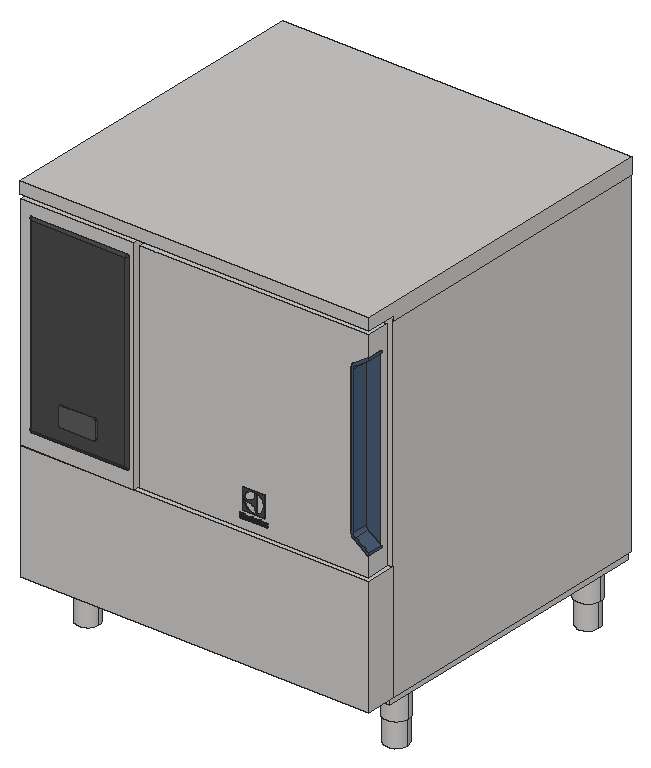
Revit family "QF_ELECTROLUXPROFESSIONAL_725583_EBFA61THE", category Specialty Equipment, Revit 2023 (continued)
Automatic sketch dimensions
  Split face 50 sketch curve to Extrusion 6 = 377.596 mm
  Split face 50 sketch curve to Extrusion 6 = 47.731 mm
  Split face 50 sketch curve to Split face 50 sketch curve = 110.015 mm
  Split face 51 sketch curve to Extrusion 6 = 43.286 mm
  Split face 51 sketch curve to Extrusion 6 = 377.596 mm
  Split face 51 sketch curve to Extrusion 6 = 38.259 mm
  Split face 51 sketch curve to Split face 51 sketch curve = 110.015 mm
  Split face 52 sketch curve to Extrusion 6 = 33.814 mm
  Split face 52 sketch curve to Extrusion 6 = 377.596 mm
  Split face 52 sketch curve to Extrusion 6 = 28.787 mm
  Split face 52 sketch curve to Split face 52 sketch curve = 110.015 mm
  Split face 53 sketch curve to Extrusion 6 = 31.361 mm
  Split face 53 sketch curve to Extrusion 6 = 262.581 mm
  Split face 53 sketch curve to Extrusion 6 = 36.388 mm
  Split face 53 sketch curve to Split face 53 sketch curve = 110.015 mm
  Split face 54 sketch curve to Extrusion 6 = 40.833 mm
  Split face 54 sketch curve to Extrusion 6 = 262.581 mm
  Split face 54 sketch curve to Extrusion 6 = 45.86 mm
  Split face 54 sketch curve to Split face 54 sketch curve = 110.015 mm
  Split face 55 sketch curve to Extrusion 6 = 50.305 mm
  Split face 55 sketch curve to Extrusion 6 = 262.581 mm
  Split face 55 sketch curve to Split face 55 sketch curve = 110.015 mm
  Split face 55 sketch curve to Split face 55 sketch curve = 5.027 mm
  Split face 56 sketch curve to Extrusion 6 = 59.777 mm
  Split face 56 sketch curve to Extrusion 6 = 262.581 mm
  Split face 56 sketch curve to Split face 56 sketch curve = 110.015 mm
  Split face 56 sketch curve to Split face 56 sketch curve = 5.027 mm
  Split face 57 sketch curve to Extrusion 6 = 69.25 mm
  Split face 57 sketch curve to Extrusion 6 = 262.581 mm
  Split face 57 sketch curve to Split face 57 sketch curve = 110.015 mm
  Split face 57 sketch curve to Split face 57 sketch curve = 5.027 mm
  Split face 58 sketch curve to Extrusion 6 = 78.722 mm
  Split face 58 sketch curve to Extrusion 6 = 262.581 mm
  Split face 58 sketch curve to Split face 58 sketch curve = 110.015 mm
  Split face 58 sketch curve to Split face 58 sketch curve = 5.027 mm
  Split face 59 sketch curve to Extrusion 6 = 88.194 mm
  Split face 59 sketch curve to Extrusion 6 = 262.581 mm
  Split face 59 sketch curve to Split face 59 sketch curve = 110.015 mm
  Split face 59 sketch curve to Split face 59 sketch curve = 5.027 mm
  Split face 60 sketch curve to Extrusion 6 = 97.666 mm
  Split face 60 sketch curve to Extrusion 6 = 262.581 mm
  Split face 60 sketch curve to Split face 60 sketch curve = 110.015 mm
  Split face 60 sketch curve to Split face 60 sketch curve = 5.027 mm
  Split face 61 sketch curve to Extrusion 6 = 107.138 mm
  Split face 61 sketch curve to Extrusion 6 = 262.581 mm
  Split face 61 sketch curve to Split face 61 sketch curve = 110.015 mm
  Split face 61 sketch curve to Split face 61 sketch curve = 5.027 mm
  Split face 62 sketch curve to Extrusion 6 = 116.611 mm
  Split face 62 sketch curve to Extrusion 6 = 262.581 mm
  Split face 62 sketch curve to Split face 62 sketch curve = 110.015 mm
  Split face 62 sketch curve to Split face 62 sketch curve = 5.027 mm
  Split face 63 sketch curve to Extrusion 6 = 126.083 mm
  Split face 63 sketch curve to Extrusion 6 = 262.581 mm
  Split face 63 sketch curve to Split face 63 sketch curve = 110.015 mm
  Split face 63 sketch curve to Split face 63 sketch curve = 5.027 mm
  Split face 64 sketch curve to Extrusion 6 = 262.581 mm
  Split face 64 sketch curve to Split face 64 sketch curve = 110.015 mm
  Split face 64 sketch curve to Extrusion 6 = 135.555 mm
  Split face 64 sketch curve to Split face 64 sketch curve = 5.027 mm
  Split face 65 sketch curve to Extrusion 6 = 262.581 mm
  Split face 65 sketch curve to Split face 65 sketch curve = 110.015 mm
  Split face 65 sketch curve to Extrusion 6 = 145.027 mm
  Split face 65 sketch curve to Split face 65 sketch curve = 5.027 mm
  Split face 66 sketch curve to Extrusion 6 = 262.581 mm
  Split face 66 sketch curve to Split face 66 sketch curve = 110.015 mm
  Split face 66 sketch curve to Extrusion 6 = 147.48 mm
  Split face 66 sketch curve to Split face 66 sketch curve = 5.027 mm
  Split face 67 sketch curve to Extrusion 6 = 262.581 mm
  Split face 67 sketch curve to Split face 67 sketch curve = 110.015 mm
  Split face 67 sketch curve to Extrusion 6 = 138.008 mm
  Split face 67 sketch curve to Split face 67 sketch curve = 5.027 mm
  Split face 68 sketch curve to Extrusion 6 = 128.536 mm
  Split face 68 sketch curve to Extrusion 6 = 262.581 mm
  Split face 68 sketch curve to Split face 68 sketch curve = 110.015 mm
  Split face 68 sketch curve to Split face 68 sketch curve = 5.027 mm
  Split face 69 sketch curve to Extrusion 6 = 119.064 mm
  Split face 69 sketch curve to Extrusion 6 = 262.581 mm
  Split face 69 sketch curve to Split face 69 sketch curve = 110.015 mm
  Split face 69 sketch curve to Split face 69 sketch curve = 5.027 mm
  Split face 70 sketch curve to Extrusion 6 = 109.592 mm
  Split face 70 sketch curve to Extrusion 6 = 262.581 mm
  Split face 70 sketch curve to Split face 70 sketch curve = 110.015 mm
  Split face 70 sketch curve to Split face 70 sketch curve = 5.027 mm
  Split face 71 sketch curve to Extrusion 6 = 100.119 mm
  Split face 71 sketch curve to Extrusion 6 = 262.581 mm
  Split face 71 sketch curve to Split face 71 sketch curve = 110.015 mm
  Split face 71 sketch curve to Split face 71 sketch curve = 5.027 mm
  Split face 72 sketch curve to Extrusion 6 = 90.647 mm
  Split face 72 sketch curve to Extrusion 6 = 262.581 mm
  Split face 72 sketch curve to Split face 72 sketch curve = 110.015 mm
  Split face 72 sketch curve to Split face 72 sketch curve = 5.027 mm
  Split face 73 sketch curve to Extrusion 6 = 81.175 mm
  Split face 73 sketch curve to Extrusion 6 = 262.581 mm
  Split face 73 sketch curve to Split face 73 sketch curve = 110.015 mm
  Split face 73 sketch curve to Split face 73 sketch curve = 5.027 mm
  Split face 74 sketch curve to Extrusion 6 = 71.703 mm
  Split face 74 sketch curve to Extrusion 6 = 262.581 mm
  Split face 74 sketch curve to Split face 74 sketch curve = 110.015 mm
  Split face 74 sketch curve to Split face 74 sketch curve = 5.027 mm
  Split face 75 sketch curve to Extrusion 6 = 62.231 mm
  Split face 75 sketch curve to Extrusion 6 = 262.581 mm
  Split face 75 sketch curve to Split face 75 sketch curve = 110.015 mm
  Split face 75 sketch curve to Split face 75 sketch curve = 5.027 mm
  Split face 76 sketch curve to Extrusion 6 = 52.758 mm
  Split face 76 sketch curve to Extrusion 6 = 262.581 mm
  Split face 76 sketch curve to Extrusion 6 = 47.731 mm
  Split face 76 sketch curve to Split face 76 sketch curve = 110.015 mm
  Split face 77 sketch curve to Extrusion 6 = 43.286 mm
  Split face 77 sketch curve to Extrusion 6 = 262.581 mm
  Split face 77 sketch curve to Extrusion 6 = 38.259 mm
  Split face 77 sketch curve to Split face 77 sketch curve = 110.015 mm
  Split face 78 sketch curve to Extrusion 6 = 33.814 mm
  Split face 78 sketch curve to Extrusion 6 = 262.581 mm
  Split face 78 sketch curve to Extrusion 6 = 28.787 mm
  Split face 78 sketch curve to Split face 78 sketch curve = 110.015 mm
  Split face 79 sketch curve to Extrusion 6 = 31.361 mm
  Split face 79 sketch curve to Extrusion 6 = 147.565 mm
  Split face 79 sketch curve to Extrusion 6 = 36.388 mm
  Split face 79 sketch curve to Split face 79 sketch curve = 110.015 mm
  Split face 80 sketch curve to Extrusion 6 = 40.833 mm
  Split face 80 sketch curve to Extrusion 6 = 147.565 mm
  Split face 80 sketch curve to Extrusion 6 = 45.86 mm
  Split face 80 sketch curve to Split face 80 sketch curve = 110.015 mm
  Split face 81 sketch curve to Extrusion 6 = 50.305 mm
  Split face 81 sketch curve to Extrusion 6 = 147.565 mm
  Split face 81 sketch curve to Split face 81 sketch curve = 110.015 mm
  Split face 81 sketch curve to Split face 81 sketch curve = 5.027 mm
  Split face 82 sketch curve to Extrusion 6 = 59.777 mm
  Split face 82 sketch curve to Extrusion 6 = 147.565 mm
  Split face 82 sketch curve to Split face 82 sketch curve = 110.015 mm
  Split face 82 sketch curve to Split face 82 sketch curve = 5.027 mm
  Split face 83 sketch curve to Extrusion 6 = 69.25 mm
  Split face 83 sketch curve to Extrusion 6 = 147.565 mm
  Split face 83 sketch curve to Split face 83 sketch curve = 110.015 mm
  Split face 83 sketch curve to Split face 83 sketch curve = 5.027 mm
  Split face 84 sketch curve to Extrusion 6 = 147.565 mm
  Split face 84 sketch curve to Split face 84 sketch curve = 110.015 mm
  Split face 84 sketch curve to Extrusion 6 = 78.722 mm
  Split face 84 sketch curve to Split face 84 sketch curve = 5.027 mm
  Split face 85 sketch curve to Extrusion 6 = 147.565 mm
  Split face 85 sketch curve to Split face 85 sketch curve = 110.015 mm
  Split face 85 sketch curve to Extrusion 6 = 88.194 mm
  Split face 85 sketch curve to Split face 85 sketch curve = 5.027 mm
  Split face 86 sketch curve to Extrusion 6 = 147.565 mm
  Split face 86 sketch curve to Split face 86 sketch curve = 110.015 mm
  Split face 86 sketch curve to Extrusion 6 = 97.666 mm
  Split face 86 sketch curve to Split face 86 sketch curve = 5.027 mm
  Split face 87 sketch curve to Extrusion 6 = 147.565 mm
  Split face 87 sketch curve to Split face 87 sketch curve = 110.015 mm
  Split face 87 sketch curve to Extrusion 6 = 107.138 mm
  Split face 87 sketch curve to Split face 87 sketch curve = 5.027 mm
  Split face 88 sketch curve to Extrusion 6 = 147.565 mm
  Split face 88 sketch curve to Split face 88 sketch curve = 110.015 mm
  Split face 88 sketch curve to Extrusion 6 = 116.611 mm
  Split face 88 sketch curve to Split face 88 sketch curve = 5.027 mm
  Split face 89 sketch curve to Extrusion 6 = 147.565 mm
  Split face 89 sketch curve to Split face 89 sketch curve = 110.015 mm
  Split face 89 sketch curve to Extrusion 6 = 126.083 mm
  Split face 89 sketch curve to Split face 89 sketch curve = 5.027 mm
  Split face 90 sketch curve to Extrusion 6 = 147.565 mm
  Split face 90 sketch curve to Split face 90 sketch curve = 110.015 mm
  Split face 90 sketch curve to Extrusion 6 = 135.555 mm
  Split face 90 sketch curve to Split face 90 sketch curve = 5.027 mm
  Split face 91 sketch curve to Extrusion 6 = 147.565 mm
  Split face 91 sketch curve to Split face 91 sketch curve = 110.015 mm
  Split face 91 sketch curve to Extrusion 6 = 145.027 mm
  Split face 91 sketch curve to Split face 91 sketch curve = 5.027 mm
  Split face 92 sketch curve to Extrusion 6 = 147.565 mm
  Split face 92 sketch curve to Split face 92 sketch curve = 110.015 mm
  Split face 92 sketch curve to Extrusion 6 = 147.48 mm
  Split face 92 sketch curve to Split face 92 sketch curve = 5.027 mm
  Split face 93 sketch curve to Extrusion 6 = 147.565 mm
  Split face 93 sketch curve to Split face 93 sketch curve = 110.015 mm
  Split face 93 sketch curve to Extrusion 6 = 138.008 mm
  Split face 93 sketch curve to Split face 93 sketch curve = 5.027 mm
  Split face 94 sketch curve to Extrusion 6 = 147.565 mm
  Split face 94 sketch curve to Split face 94 sketch curve = 110.015 mm
  Split face 94 sketch curve to Extrusion 6 = 128.536 mm
  Split face 94 sketch curve to Split face 94 sketch curve = 5.027 mm
  Split face 95 sketch curve to Extrusion 6 = 147.565 mm
  Split face 95 sketch curve to Split face 95 sketch curve = 110.015 mm
  Split face 95 sketch curve to Extrusion 6 = 119.064 mm
  Split face 95 sketch curve to Split face 95 sketch curve = 5.027 mm
  Split face 96 sketch curve to Extrusion 6 = 147.565 mm
  Split face 96 sketch curve to Split face 96 sketch curve = 110.015 mm
  Split face 96 sketch curve to Extrusion 6 = 109.592 mm
  Split face 96 sketch curve to Split face 96 sketch curve = 5.027 mm
  Split face 97 sketch curve to Extrusion 6 = 147.565 mm
  Split face 97 sketch curve to Split face 97 sketch curve = 110.015 mm
  Split face 97 sketch curve to Extrusion 6 = 100.119 mm
  Split face 97 sketch curve to Split face 97 sketch curve = 5.027 mm
  Split face 98 sketch curve to Extrusion 6 = 147.565 mm
  Split face 98 sketch curve to Split face 98 sketch curve = 110.015 mm
  Split face 98 sketch curve to Extrusion 6 = 90.647 mm
  Split face 98 sketch curve to Split face 98 sketch curve = 5.027 mm
  Split face 99 sketch curve to Extrusion 6 = 147.565 mm
  Split face 99 sketch curve to Split face 99 sketch curve = 110.015 mm
  Split face 99 sketch curve to Extrusion 6 = 81.175 mm
  Split face 99 sketch curve to Split face 99 sketch curve = 5.027 mm
  Split face 100 sketch curve to Extrusion 6 = 71.703 mm
  Split face 100 sketch curve to Extrusion 6 = 147.565 mm
  Split face 100 sketch curve to Split face 100 sketch curve = 110.015 mm
  Split face 100 sketch curve to Split face 100 sketch curve = 5.027 mm
  Split face 101 sketch curve to Extrusion 6 = 62.231 mm
  Split face 101 sketch curve to Extrusion 6 = 147.565 mm
  Split face 101 sketch curve to Split face 101 sketch curve = 110.015 mm
  Split face 101 sketch curve to Split face 101 sketch curve = 5.027 mm
  Split face 102 sketch curve to Extrusion 6 = 52.758 mm
  Split face 102 sketch curve to Extrusion 6 = 147.565 mm
  Split face 102 sketch curve to Extrusion 6 = 47.731 mm
  Split face 102 sketch curve to Split face 102 sketch curve = 110.015 mm
  Split face 103 sketch curve to Extrusion 6 = 43.286 mm
  Split face 103 sketch curve to Extrusion 6 = 147.565 mm
  Split face 103 sketch curve to Extrusion 6 = 38.259 mm
  Split face 103 sketch curve to Split face 103 sketch curve = 110.015 mm
  Split face 104 sketch curve to Extrusion 6 = 33.814 mm
  Split face 104 sketch curve to Extrusion 6 = 147.565 mm
  Split face 104 sketch curve to Extrusion 6 = 28.787 mm
  Split face 104 sketch curve to Split face 104 sketch curve = 110.015 mm
  Split face 105 sketch curve to Extrusion 6 = 32.55 mm
  Split face 105 sketch curve to Extrusion 6 = 36.388 mm
  Split face 105 sketch curve to Split face 105 sketch curve = 110.015 mm
  Split face 105 sketch curve to Split face 105 sketch curve = 5.027 mm
  Split face 106 sketch curve to Extrusion 6 = 32.55 mm
  Split face 106 sketch curve to Extrusion 6 = 45.86 mm
  Split face 106 sketch curve to Split face 106 sketch curve = 110.015 mm
  Split face 106 sketch curve to Split face 106 sketch curve = 5.027 mm
  Split face 107 sketch curve to Extrusion 6 = 32.55 mm
  Split face 107 sketch curve to Split face 107 sketch curve = 110.015 mm
  Split face 107 sketch curve to Extrusion 6 = 50.305 mm
  Split face 107 sketch curve to Split face 107 sketch curve = 5.027 mm
  Split face 108 sketch curve to Extrusion 6 = 32.55 mm
  Split face 108 sketch curve to Split face 108 sketch curve = 110.015 mm
  Split face 108 sketch curve to Extrusion 6 = 59.777 mm
  Split face 108 sketch curve to Split face 108 sketch curve = 5.027 mm
  Split face 109 sketch curve to Extrusion 6 = 32.55 mm
  Split face 109 sketch curve to Split face 109 sketch curve = 110.015 mm
  Split face 109 sketch curve to Extrusion 6 = 69.25 mm
  Split face 109 sketch curve to Split face 109 sketch curve = 5.027 mm
  Split face 110 sketch curve to Extrusion 6 = 32.55 mm
  Split face 110 sketch curve to Split face 110 sketch curve = 110.015 mm
  Split face 110 sketch curve to Extrusion 6 = 78.722 mm
  Split face 110 sketch curve to Split face 110 sketch curve = 5.027 mm
  Split face 111 sketch curve to Extrusion 6 = 32.55 mm
  Split face 111 sketch curve to Split face 111 sketch curve = 110.015 mm
  Split face 111 sketch curve to Extrusion 6 = 88.194 mm
  Split face 111 sketch curve to Split face 111 sketch curve = 5.027 mm
  Split face 112 sketch curve to Extrusion 6 = 32.55 mm
  Split face 112 sketch curve to Split face 112 sketch curve = 110.015 mm
  Split face 112 sketch curve to Extrusion 6 = 97.666 mm
  Split face 112 sketch curve to Split face 112 sketch curve = 5.027 mm
  Split face 113 sketch curve to Extrusion 6 = 32.55 mm
  Split face 113 sketch curve to Split face 113 sketch curve = 110.015 mm
  Split face 113 sketch curve to Extrusion 6 = 107.138 mm
  Split face 113 sketch curve to Split face 113 sketch curve = 5.027 mm
  Split face 114 sketch curve to Extrusion 6 = 32.55 mm
  Split face 114 sketch curve to Split face 114 sketch curve = 110.015 mm
  Split face 114 sketch curve to Extrusion 6 = 116.611 mm
  Split face 114 sketch curve to Split face 114 sketch curve = 5.027 mm
  Split face 115 sketch curve to Extrusion 6 = 32.55 mm
  Split face 115 sketch curve to Split face 115 sketch curve = 110.015 mm
  Split face 115 sketch curve to Extrusion 6 = 126.083 mm
  Split face 115 sketch curve to Split face 115 sketch curve = 5.027 mm
  Split face 116 sketch curve to Extrusion 6 = 32.55 mm
  Split face 116 sketch curve to Split face 116 sketch curve = 110.015 mm
  Split face 116 sketch curve to Extrusion 6 = 135.555 mm
  Split face 116 sketch curve to Split face 116 sketch curve = 5.027 mm
  Split face 117 sketch curve to Extrusion 6 = 32.55 mm
  Split face 117 sketch curve to Split face 117 sketch curve = 110.015 mm
  Split face 117 sketch curve to Extrusion 6 = 145.027 mm
  Split face 117 sketch curve to Split face 117 sketch curve = 5.027 mm
  Split face 118 sketch curve to Extrusion 6 = 32.55 mm
  Split face 118 sketch curve to Split face 118 sketch curve = 110.015 mm
  Split face 118 sketch curve to Extrusion 6 = 147.48 mm
  Split face 118 sketch curve to Split face 118 sketch curve = 5.027 mm
  Split face 119 sketch curve to Extrusion 6 = 32.55 mm
  Split face 119 sketch curve to Split face 119 sketch curve = 110.015 mm
  Split face 119 sketch curve to Extrusion 6 = 138.008 mm
  Split face 119 sketch curve to Split face 119 sketch curve = 5.027 mm
  Split face 120 sketch curve to Extrusion 6 = 32.55 mm
  Split face 120 sketch curve to Split face 120 sketch curve = 110.015 mm
  Split face 120 sketch curve to Extrusion 6 = 128.536 mm
  Split face 120 sketch curve to Split face 120 sketch curve = 5.027 mm
  Split face 121 sketch curve to Extrusion 6 = 32.55 mm
  Split face 121 sketch curve to Split face 121 sketch curve = 110.015 mm
  Split face 121 sketch curve to Extrusion 6 = 119.064 mm
  Split face 121 sketch curve to Split face 121 sketch curve = 5.027 mm
  Split face 122 sketch curve to Extrusion 6 = 32.55 mm
  Split face 122 sketch curve to Split face 122 sketch curve = 110.015 mm
  Split face 122 sketch curve to Extrusion 6 = 109.592 mm
  Split face 122 sketch curve to Split face 122 sketch curve = 5.027 mm
  Split face 123 sketch curve to Extrusion 6 = 32.55 mm
  Split face 123 sketch curve to Split face 123 sketch curve = 110.015 mm
  Split face 123 sketch curve to Extrusion 6 = 100.119 mm
  Split face 123 sketch curve to Split face 123 sketch curve = 5.027 mm
  Split face 124 sketch curve to Extrusion 6 = 32.55 mm
  Split face 124 sketch curve to Split face 124 sketch curve = 110.015 mm
  Split face 124 sketch curve to Extrusion 6 = 90.647 mm
  Split face 124 sketch curve to Split face 124 sketch curve = 5.027 mm
  Split face 125 sketch curve to Extrusion 6 = 32.55 mm
  Split face 125 sketch curve to Split face 125 sketch curve = 110.015 mm
  Split face 125 sketch curve to Extrusion 6 = 81.175 mm
  Split face 125 sketch curve to Split face 125 sketch curve = 5.027 mm
  Split face 126 sketch curve to Extrusion 6 = 32.55 mm
  Split face 126 sketch curve to Split face 126 sketch curve = 110.015 mm
  Split face 126 sketch curve to Extrusion 6 = 71.703 mm
  Split face 126 sketch curve to Split face 126 sketch curve = 5.027 mm
  Split face 127 sketch curve to Extrusion 6 = 32.55 mm
  Split face 127 sketch curve to Split face 127 sketch curve = 110.015 mm
  Split face 127 sketch curve to Extrusion 6 = 62.231 mm
  Split face 127 sketch curve to Split face 127 sketch curve = 5.027 mm
  Split face 128 sketch curve to Extrusion 6 = 32.55 mm
  Split face 128 sketch curve to Extrusion 6 = 47.731 mm
  Split face 128 sketch curve to Split face 128 sketch curve = 110.015 mm
  Split face 128 sketch curve to Split face 128 sketch curve = 5.027 mm
  Split face 129 sketch curve to Extrusion 6 = 32.55 mm
  Split face 129 sketch curve to Extrusion 6 = 38.259 mm
  Split face 129 sketch curve to Split face 129 sketch curve = 110.015 mm
  Split face 129 sketch curve to Split face 129 sketch curve = 5.027 mm
  Split face 130 sketch curve to Extrusion 6 = 32.55 mm
  Split face 130 sketch curve to Extrusion 6 = 28.787 mm
  Split face 130 sketch curve to Split face 130 sketch curve = 110.015 mm
  Split face 130 sketch curve to Split face 130 sketch curve = 5.027 mm
  Extrusion 10 sketch curve to plane 5 "BACK" = 0 mm  (x2)
  Extrusion 10 sketch curve to plane 15 = 0 mm  (x2)
  Extrusion 10 sketch curve to plane 3 "Center Y" = 141.58 mm
  Extrusion 10 sketch curve to Extrusion 10 sketch curve = 1.631 mm  (x2)
  Extrusion 10 sketch curve to Extrusion 10 sketch curve = 9.723 mm
  plane 10 to Extrusion 10 sketch curve = 80.967 mm
  plane 10 to Extrusion 10 sketch curve = 72.875 mm
  Extrusion 11 sketch curve to plane 14 = 0.005 mm
  Extrusion 11 sketch curve to plane 3 "Center Y" = 139.7 mm
  plane 12 to Extrusion 11 sketch curve = 6.255 mm
  plane 12 to Extrusion 11 sketch curve = 14.741 mm
  plane 12 to Extrusion 11 sketch curve = 15.205 mm
  Extrusion 11 sketch curve to Extrusion 11 sketch curve = 10.513 mm
  Extrusion 11 sketch curve to Extrusion 11 sketch curve = 20 mm
  Extrusion 11 sketch curve to plane 6 "RIGHT" = 1.005 mm  (x2)
  Extrusion 11 sketch curve to Extrusion 11 sketch curve = 51.135 mm
  Extrusion 11 sketch curve to Extrusion 11 sketch curve = 24.082 mm
  Extrusion 11 sketch curve to Extrusion 11 sketch curve = 374.913 mm
  Extrusion 11 sketch curve to Extrusion 11 sketch curve = 23.723 mm
  plane 8 to Extrusion 11 sketch curve = 332.497 mm
  Extrusion 12 sketch curve to Extrusion 11 = 0 mm  (x8)
  Extrusion 11 to Extrusion 12 sketch curve = 8.487 mm
  Extrusion 11 to Extrusion 12 sketch curve = 8.95 mm
  Extrusion 12 sketch curve to Extrusion 12 sketch curve = 20 mm
  Extrusion 13 sketch curve to Extrusion 13 sketch curve = 0 mm  (x2)
  Extrusion 13 sketch curve to Extrusion 11 = 0 mm  (x5)
  Extrusion 11 to Extrusion 13 sketch curve = 2.5 mm
  Extrusion 13 sketch curve to Extrusion 13 sketch curve = 2.5 mm
  Extrusion 13 sketch curve to Extrusion 13 sketch curve = 13.5 mm
  Extrusion 11 to Extrusion 13 sketch curve = 12.541 mm
  Extrusion 13 sketch curve to Extrusion 13 sketch curve = 5.583 mm
  Extrusion 13 sketch curve to Extrusion 13 sketch curve = 3.591 mm
  Extrusion 13 sketch curve to Extrusion 13 sketch curve = 3.597 mm
  Extrusion 13 sketch curve to Extrusion 13 sketch curve = 6.143 mm
  Extrusion 13 sketch curve to Extrusion 13 sketch curve = 6.141 mm
  Extrusion 14 sketch curve to plane 7 "FRONT" = 0 mm
  plane 16 to Extrusion 14 sketch curve = 47.24 mm
  Extrusion 14 sketch curve to Extrusion 14 sketch curve = 8.487 mm
  Extrusion 14 sketch curve to Extrusion 14 sketch curve = 8.95 mm
  Extrusion 14 sketch curve to Extrusion 14 sketch curve = 19 mm
  Extrusion 14 sketch curve to Extrusion 14 sketch curve = 20 mm
  plane 16 to Extrusion 14 sketch curve = 2.5 mm  (x2)
  Extrusion 14 sketch curve to plane 14 = 0.005 mm
  Extrusion 14 sketch curve to Extrusion 14 sketch curve = 51.135 mm
  Extrusion 14 sketch curve to Extrusion 14 sketch curve = 24.082 mm
  Extrusion 14 sketch curve to Extrusion 14 sketch curve = 374.913 mm
  Extrusion 14 sketch curve to Extrusion 14 sketch curve = 23.723 mm
  plane 8 to Extrusion 14 sketch curve = 332.497 mm
  Extrusion 15 sketch curve to Extrusion 14 = 0 mm  (x8)
  Extrusion 14 to Extrusion 15 sketch curve = 8.487 mm
  Extrusion 14 to Extrusion 15 sketch curve = 8.95 mm
  Extrusion 15 sketch curve to Extrusion 15 sketch curve = 11.05 mm
  Extrusion 16 sketch curve to Extrusion 16 sketch curve = 0 mm  (x2)
  Extrusion 16 sketch curve to Extrusion 14 = 0 mm  (x4)
  Extrusion 14 to Extrusion 16 sketch curve = 0 mm
  Extrusion 14 to Extrusion 16 sketch curve = 2.5 mm  (x2)
  Extrusion 16 sketch curve to Extrusion 16 sketch curve = 13.5 mm
  Extrusion 14 to Extrusion 16 sketch curve = 12.541 mm
  Extrusion 16 sketch curve to Extrusion 16 sketch curve = 5.583 mm
  Extrusion 16 sketch curve to Extrusion 16 sketch curve = 3.591 mm
  Extrusion 16 sketch curve to Extrusion 16 sketch curve = 3.597 mm
  Extrusion 16 sketch curve to Extrusion 16 sketch curve = 6.143 mm
  Extrusion 16 sketch curve to Extrusion 16 sketch curve = 6.141 mm
  Extrusion 17 sketch curve to plane 7 "FRONT" = 0 mm
  plane 7 "FRONT" to Extrusion 17 sketch curve = 16.966 mm
  Extrusion 17 sketch curve to plane 3 "Center Y" = 119.677 mm
  Extrusion 17 sketch curve to Extrusion 17 sketch curve = 32.971 mm
  Extrusion 17 sketch curve to plane 6 "RIGHT" = 1.005 mm
  radius of Extrusion 4 sketch curve = 10.5 mm
  radius of Extrusion 9 sketch curve = 9.5 mm
  radius of Extrusion 12 sketch curve to Extrusion 11 = 0 mm
  radius of Extrusion 13 sketch curve to Extrusion 11 = 0 mm
  radius of Extrusion 13 sketch curve to Extrusion 11 = 6.5 mm
  radius of Extrusion 15 sketch curve to Extrusion 14 = 0 mm
  radius of Extrusion 16 sketch curve to Extrusion 14 = 0 mm
  radius of Extrusion 16 sketch curve to Extrusion 14 = 6.5 mm
Nested families
  nested 1: "Foot_Complete" at (-708, -142.149, 0), type "Foot_Complete"
    with H 130 mm
  nested 2: "Foot_Complete" at (85, -142.149, 0), type "Foot_Complete"
    with H 130 mm
  nested 3: "Foot_Complete" at (85, 473.851, 0), type "Foot_Complete"
    with H 130 mm
  nested 4: "Foot_Complete" at (-708, 473.851, 0), type "Foot_Complete"
    with H 130 mm
  nested 5: "ELX_Touch" at (-606.5, -295.149, 741.265) x (1, 0, 0) z (0, -1, 0), type "ELX_Touch"
  nested 6: "ELX_Logo_S_New" at (-157.603, -295.149, 492.497) x (1, 0, 0) z (0, -1, 0), visible <- "Show Logo", type "ELX_Logo_S_New"
    with M QF_Finishes_Black
  nested 7: "ELX_Logo_Symbol" at (-157.603, -295.149, 532.497) x (-1, 0, 0) z (0, -1, 0), visible <- "Show Logo", type "ELX_Logo_Symbol"
    with M QF_Finishes_Black
Connectors
  electrical at (-696, 577.851, 258), driven by "Volts"
    settings: on Extrusion 4, index 5, voltage 380 V, apparent load 0 VA, apparent load phase1 0 VA, apparent load phase2 0 VA, apparent load phase3 0 VA, power factor 1, load classification "Altro", number of poles 1, system type 30, power factor state 1, is connector primary yes, connector utility no, sub classification motor no, connector description "Electrical Connection"
  piping at (-360, 215.851, 98.32), diameter 19
    settings: on cut or joined group of Extrusion 1, Extrusion 2, Extrusion 3, Extrusion 4, Extrusion 7, Extrusion 8, Extrusion 9, Extrusion 10, index 6, connector inside diameter 609.6 mm, connector length 0 mm, flow factor 0, pipe flow 0.0 L/s, pressure drop 0.0 Pa, fitting loss kfactor 0, connector angle 0.00°, fixture units 0, engagement length 0 mm, angle of deflection 0.00°, flow configuration 1, flow direction 2, fitting loss method 0, system type 16, joint type 0, gender type 0, connector reference index -1, connector utility 0, adjustable connector no, is connector primary yes, connector description "Drain"
Definition of nested family "Foot_Complete"
  Parameters
    R = 32 mm
    H = 150 mm
    Default Elevation = 0 mm
  Reference planes
    plane 1 "Centro (Fronte/Retro)": y = 0
    plane 2: z = 0
    plane 3 "Centro (Sinistra/Destra)": x = 0
    plane 4: z = 150
  Forms (mm)
    Revolve 1, solid
      sketch origin (255.05, 0, 608.09) x (0, 0, 1) y (-1, 0, 0)
        loop
          line (-608.09, 255.05) -> (-608.09, 226.55) -> (-544.09, 226.55) -> (-544.09, 223.05) -> (-458.09, 223.05) -> (-458.09, 255.05) -> (-608.09, 255.05)
        axis (-608.09, 255.05) -> (-458.09, 255.05)
      angle from 0 to 360
  Dimensions and locks
    locked: level to Revolve 1 sketch curve at 64
    "R": Revolve 1 sketch curve to plane 3 "Centro (Sinistra/Destra)"
    "H": plane 4 to level
    aligned and locked: level to plane 2
    aligned and locked: plane 4 to Revolve 1 sketch curve
    aligned and locked: Revolve 1 sketch curve to level
    aligned and locked: plane 3 "Centro (Sinistra/Destra)" to Revolve 1 sketch curve
  Automatic sketch dimensions
    Revolve 1 sketch curve to plane 3 "Centro (Sinistra/Destra)" = 0 mm
    plane 3 "Centro (Sinistra/Destra)" to Revolve 1 sketch curve = 28.5 mm
    Revolve 1 sketch curve to Revolve 1 sketch curve = 50 mm
    Revolve 1 sketch curve to Revolve 1 sketch curve = 20 mm
Definition of nested family "ELX_Touch"
  Parameters
    Default Elevation = 1219.2 mm
  Reference planes
    plane 1 "Centro (Fronte/Retro)": y = 0
    plane 2: z = 0
    plane 3 "Centro (Sinistra/Destra)": x = 0
  Forms (mm)
    Extrusion 1, solid
      sketch origin (0, 0, 0) x (1, 0, 0) y (0, 1, 0)
        loop
          line (-1219.2, 1219.2) -> (-1219.2, -1219.2) -> (1219.2, -1219.2) -> (1219.2, 1219.2) -> (-1219.2, 1219.2)
      from 0 to -304.8
    Extrusion 2, solid
      sketch origin (0, 0, 5) x (1, 0, 0) y (0, 1, 0)
        loop
          line (-47, -160) -> (-47, -202)
          arc (-47, -202) -> (-45.536, -205.535) -> (-42, -207) r 5
          line (-42, -207) -> (42, -207)
          arc (42, -207) -> (45.536, -205.535) -> (47, -202) r 5
          line (47, -202) -> (47, -160)
          arc (47, -160) -> (45.536, -156.465) -> (42, -155) r 5
          line (42, -155) -> (-42, -155)
          arc (-42, -155) -> (-45.536, -156.465) -> (-47, -160) r 5
      from 0 to 2
    Blend 3, solid
      base sketch origin (0, 0, 0) x (1, 0, 0) y (0, 1, 0)
        loop
          line (-127, 244) -> (-127, -244)
          arc (-127, -244) -> (-125.536, -247.536) -> (-122, -249) r 5
          line (-122, -249) -> (122, -249)
          arc (122, -249) -> (125.536, -247.536) -> (127, -244) r 5
          line (127, -244) -> (127, 244)
          arc (127, 244) -> (125.536, 247.536) -> (122, 249) r 5
          line (122, 249) -> (-122, 249)
          arc (-122, 249) -> (-125.536, 247.536) -> (-127, 244) r 5
      top sketch origin (0, 0, 0) x (1, 0, 0) y (0, 1, 0)
        loop
          line (-119, -241) -> (119, -241) -> (119, 241) -> (-119, 241) -> (-119, -241)
      from 0 to 5
  Lines and regions (mm)
    Split face 1
      outline origin (0, 0, 5) x (1, 0, 0) y (0, 1, 0)
        loop
          line (-70.506, 46.167) -> (70.506, 46.167) -> (70.506, 214.829) -> (-70.506, 214.829) -> (-70.506, 46.167)
    Split face 2
      outline origin (0, 0, 5) x (1, 0, 0) y (0, 1, 0)
        loop
          line (-47.467, 50.825) -> (47.467, 50.825) -> (47.467, 210.171) -> (-47.467, 210.171) -> (-47.467, 50.825)
    Split face 3
      outline origin (0, 0, 5) x (1, 0, 0) y (0, 1, 0)
        loop
          line (-70.521, -215.33) -> (70.521, -215.33) -> (70.521, -146.67) -> (-70.521, -146.67) -> (-70.521, -215.33)
    Split face 4
      outline origin (0, 0, 5) x (1, 0, 0) y (0, 1, 0)
        loop
          line (-119, 201.163) -> (-70.506, 201.163)
        loop
          line (70.506, 201.163) -> (119, 201.163)
        loop
          line (70.521, -200.849) -> (119, -200.849)
        loop
          line (-119, -200.849) -> (-70.521, -200.849)
  Dimensions and locks
    aligned and locked: plane 2 to Extrusion 1
    aligned and locked: level to Extrusion 1
Definition of nested family "ELX_Logo_S_New"
  Parameters
    Default Elevation = 0 mm
    M [instance] = none
  Reference planes
    plane 1 "Centro (Fronte/Retro)": y = 0
    plane 2: z = 0
    plane 3 "Centro (Sinistra/Destra)": x = 0
  Forms (mm)
    Extrusion 1, solid
      sketch origin (0, 0, 0) x (1, 0, 0) y (0, 1, 0)
        loop
          line (-1219.2, 1219.2) -> (-1219.2, -1219.2) -> (1219.2, -1219.2) -> (1219.2, 1219.2) -> (-1219.2, 1219.2)
      from 0 to -304.8
    Extrusion 2, solid, material <- "M"
      sketch origin (0, 0, 0) x (1, 0, 0) y (0, 1, 0)
        loop
          spline (-32.537, -4.135) -> (-32.702, -4.128) -> (-32.877, -4.105) -> (-33.059, -4.064) -> (-33.242, -4.002) -> (-33.422, -3.916) -> (-33.593, -3.803) -> (-33.751, -3.66) -> (-33.891, -3.486) -> (-34.008, -3.276) -> (-34.098, -3.029) -> (-34.155, -2.741) -> (-34.176, -2.41)
          line (-34.176, -2.41) -> (-34.176, -0.943) -> (-29.331, -0.943) -> (-29.331, 0.928) -> (-34.176, 0.928) -> (-34.176, 3.652) -> (-29.023, 3.652) -> (-29.023, 5.518) -> (-36.159, 5.518) -> (-36.159, -2.326)
          spline (-36.159, -2.326) -> (-36.142, -2.808) -> (-36.088, -3.263) -> (-35.996, -3.688) -> (-35.867, -4.083) -> (-35.698, -4.445) -> (-35.489, -4.773) -> (-35.239, -5.066) -> (-34.946, -5.322) -> (-34.61, -5.539) -> (-34.23, -5.716) -> (-33.804, -5.851) -> (-33.332, -5.943)
          line (-33.332, -5.943) -> (-32.554, -5.999) -> (-28.885, -5.999) -> (-28.885, -4.135) -> (-32.537, -4.135)
        loop
          line (-27.476, 0.076) -> (-27.476, -6.002) -> (-25.492, -6.002) -> (-25.492, 5.521) -> (-27.476, 5.521) -> (-27.476, 0.076)
        loop
          spline (-15.702, -2.321) -> (-15.689, -1.697) -> (-15.749, -1.094) -> (-15.879, -0.516) -> (-16.078, 0.029) -> (-16.341, 0.538) -> (-16.668, 1.004) -> (-17.055, 1.422) -> (-17.5, 1.786) -> (-17.999, 2.091) -> (-18.552, 2.331) -> (-19.154, 2.5) -> (-19.804, 2.594)
          spline (-19.804, 2.594) -> (-20.422, 2.558) -> (-21.009, 2.453) -> (-21.56, 2.28) -> (-22.072, 2.042) -> (-22.54, 1.743) -> (-22.96, 1.385) -> (-23.327, 0.97) -> (-23.638, 0.502) -> (-23.887, -0.018) -> (-24.07, -0.586) -> (-24.183, -1.2) -> (-24.222, -1.857)
          spline (-24.222, -1.857) -> (-24.184, -2.498) -> (-24.074, -3.097) -> (-23.895, -3.652) -> (-23.651, -4.16) -> (-23.344, -4.618) -> (-22.979, -5.023) -> (-22.559, -5.374) -> (-22.087, -5.667) -> (-21.567, -5.899) -> (-21.003, -6.068) -> (-20.397, -6.172) -> (-19.754, -6.207)
          spline (-19.754, -6.207) -> (-19.44, -6.2) -> (-19.13, -6.176) -> (-18.823, -6.135) -> (-18.52, -6.074) -> (-18.221, -5.993) -> (-17.925, -5.89) -> (-17.634, -5.762) -> (-17.346, -5.609) -> (-17.062, -5.43) -> (-16.782, -5.221) -> (-16.506, -4.983) -> (-16.234, -4.713)
          line (-16.234, -4.713) -> (-17.429, -3.55)
          spline (-17.429, -3.55) -> (-17.587, -3.702) -> (-17.745, -3.841) -> (-17.906, -3.967) -> (-18.07, -4.08) -> (-18.239, -4.181) -> (-18.415, -4.268) -> (-18.599, -4.343) -> (-18.792, -4.404) -> (-18.996, -4.452) -> (-19.213, -4.486) -> (-19.443, -4.506) -> (-19.688, -4.513)
          spline (-19.688, -4.513) -> (-20.047, -4.496) -> (-20.383, -4.443) -> (-20.696, -4.358) -> (-20.984, -4.24) -> (-21.246, -4.092) -> (-21.479, -3.915) -> (-21.683, -3.711) -> (-21.856, -3.48) -> (-21.997, -3.224) -> (-22.104, -2.945) -> (-22.176, -2.643) -> (-22.212, -2.321)
          line (-22.212, -2.321) -> (-15.702, -2.321)
        loop
          spline (-17.695, -0.926) -> (-17.714, -0.681) -> (-17.771, -0.445) -> (-17.861, -0.221) -> (-17.984, -0.01) -> (-18.135, 0.184) -> (-18.314, 0.36) -> (-18.516, 0.516) -> (-18.741, 0.648) -> (-18.984, 0.755) -> (-19.244, 0.834) -> (-19.518, 0.883) -> (-19.804, 0.9)
          spline (-19.804, 0.9) -> (-20.11, 0.884) -> (-20.405, 0.835) -> (-20.686, 0.757) -> (-20.95, 0.652) -> (-21.195, 0.521) -> (-21.419, 0.367) -> (-21.618, 0.192) -> (-21.79, -0.003) -> (-21.934, -0.214) -> (-22.045, -0.439) -> (-22.122, -0.678) -> (-22.162, -0.926)
          line (-22.162, -0.926) -> (-17.695, -0.926)
        loop
          spline (-12.669, -1.807) -> (-12.646, -1.438) -> (-12.58, -1.088) -> (-12.472, -0.759) -> (-12.326, -0.455) -> (-12.145, -0.177) -> (-11.93, 0.072) -> (-11.685, 0.289) -> (-11.412, 0.473) -> (-11.114, 0.62) -> (-10.793, 0.728) -> (-10.453, 0.794) -> (-10.095, 0.817)
          spline (-10.095, 0.817) -> (-9.876, 0.81) -> (-9.665, 0.79) -> (-9.464, 0.756) -> (-9.271, 0.709) -> (-9.086, 0.65) -> (-8.908, 0.578) -> (-8.737, 0.495) -> (-8.572, 0.399) -> (-8.414, 0.292) -> (-8.261, 0.173) -> (-8.113, 0.044) -> (-7.969, -0.096)
          line (-7.969, -0.096) -> (-6.741, 1.183)
          spline (-6.741, 1.183) -> (-6.985, 1.427) -> (-7.237, 1.647) -> (-7.496, 1.843) -> (-7.762, 2.015) -> (-8.034, 2.164) -> (-8.312, 2.291) -> (-8.596, 2.397) -> (-8.886, 2.482) -> (-9.181, 2.546) -> (-9.481, 2.592) -> (-9.786, 2.619) -> (-10.095, 2.627)
          spline (-10.095, 2.627) -> (-10.715, 2.589) -> (-11.308, 2.476) -> (-11.871, 2.294) -> (-12.396, 2.046) -> (-12.88, 1.736) -> (-13.316, 1.369) -> (-13.7, 0.949) -> (-14.026, 0.48) -> (-14.289, -0.035) -> (-14.483, -0.59) -> (-14.604, -1.182) -> (-14.645, -1.807)
          spline (-14.645, -1.807) -> (-14.604, -2.431) -> (-14.483, -3.023) -> (-14.289, -3.578) -> (-14.026, -4.093) -> (-13.7, -4.562) -> (-13.316, -4.983) -> (-12.88, -5.35) -> (-12.396, -5.659) -> (-11.871, -5.907) -> (-11.308, -6.09) -> (-10.715, -6.202) -> (-10.095, -6.24)
          spline (-10.095, -6.24) -> (-9.786, -6.232) -> (-9.481, -6.205) -> (-9.181, -6.16) -> (-8.886, -6.095) -> (-8.596, -6.01) -> (-8.312, -5.904) -> (-8.034, -5.777) -> (-7.762, -5.628) -> (-7.496, -5.456) -> (-7.237, -5.26) -> (-6.985, -5.04) -> (-6.741, -4.796)
          line (-6.741, -4.796) -> (-7.969, -3.517)
          spline (-7.969, -3.517) -> (-8.113, -3.657) -> (-8.261, -3.786) -> (-8.414, -3.905) -> (-8.572, -4.012) -> (-8.737, -4.108) -> (-8.908, -4.192) -> (-9.086, -4.263) -> (-9.271, -4.323) -> (-9.464, -4.369) -> (-9.665, -4.403) -> (-9.876, -4.423) -> (-10.095, -4.43)
          spline (-10.095, -4.43) -> (-10.453, -4.408) -> (-10.793, -4.341) -> (-11.114, -4.233) -> (-11.412, -4.086) -> (-11.685, -3.902) -> (-11.93, -3.685) -> (-12.145, -3.436) -> (-12.326, -3.158) -> (-12.472, -2.854) -> (-12.58, -2.526) -> (-12.646, -2.176) -> (-12.669, -1.807)
        loop
          spline (-1.683, -4.138) -> (-1.858, -4.14) -> (-2.045, -4.127) -> (-2.24, -4.095) -> (-2.438, -4.04) -> (-2.633, -3.959) -> (-2.822, -3.85) -> (-2.998, -3.709) -> (-3.157, -3.533) -> (-3.294, -3.318) -> (-3.404, -3.061) -> (-3.483, -2.76) -> (-3.524, -2.411)
          line (-3.524, -2.411) -> (-3.524, 0.529) -> (-1.72, 0.529) -> (-1.72, 2.331) -> (-3.522, 2.331) -> (-3.522, 5.521) -> (-5.506, 5.521) -> (-5.506, -2.523)
          spline (-5.506, -2.523) -> (-5.463, -2.99) -> (-5.386, -3.429) -> (-5.274, -3.839) -> (-5.126, -4.218) -> (-4.941, -4.564) -> (-4.717, -4.877) -> (-4.455, -5.155) -> (-4.153, -5.396) -> (-3.81, -5.599) -> (-3.425, -5.762) -> (-2.998, -5.884) -> (-2.528, -5.964)
          line (-2.528, -5.964) -> (-1.69, -6.002) -> (-1.683, -4.138)
        loop
          spline (4.991, 2.446) -> (4.648, 2.468) -> (4.318, 2.461) -> (4.001, 2.429) -> (3.699, 2.371) -> (3.413, 2.288) -> (3.142, 2.182) -> (2.89, 2.052) -> (2.655, 1.901) -> (2.439, 1.728) -> (2.244, 1.535) -> (2.069, 1.322) -> (1.917, 1.091)
          line (1.917, 1.091) -> (1.917, 2.33) -> (-0.051, 2.33) -> (-0.051, -6.002) -> (1.917, -6.002) -> (1.917, -1.621)
          spline (1.917, -1.621) -> (1.935, -1.288) -> (1.988, -0.979) -> (2.075, -0.693) -> (2.195, -0.432) -> (2.345, -0.197) -> (2.526, 0.01) -> (2.736, 0.189) -> (2.972, 0.338) -> (3.235, 0.456) -> (3.522, 0.541) -> (3.832, 0.594) -> (4.165, 0.611)
          line (4.165, 0.611) -> (4.991, 0.529) -> (4.991, 2.446)
        loop
          spline (14.388, -1.836) -> (14.347, -1.224) -> (14.226, -0.642) -> (14.031, -0.093) -> (13.768, 0.418) -> (13.441, 0.887) -> (13.057, 1.308) -> (12.621, 1.677) -> (12.137, 1.989) -> (11.612, 2.24) -> (11.051, 2.425) -> (10.459, 2.539) -> (9.842, 2.578)
          spline (9.842, 2.578) -> (9.221, 2.539) -> (8.627, 2.425) -> (8.064, 2.24) -> (7.539, 1.989) -> (7.056, 1.677) -> (6.62, 1.308) -> (6.237, 0.887) -> (5.912, 0.418) -> (5.65, -0.093) -> (5.456, -0.642) -> (5.336, -1.224) -> (5.295, -1.836)
          spline (5.295, -1.836) -> (5.336, -2.447) -> (5.456, -3.029) -> (5.65, -3.578) -> (5.912, -4.089) -> (6.237, -4.558) -> (6.62, -4.979) -> (7.056, -5.348) -> (7.539, -5.66) -> (8.064, -5.911) -> (8.627, -6.096) -> (9.221, -6.211) -> (9.842, -6.25)
          spline (9.842, -6.25) -> (10.459, -6.211) -> (11.051, -6.096) -> (11.612, -5.911) -> (12.137, -5.66) -> (12.621, -5.348) -> (13.057, -4.979) -> (13.441, -4.558) -> (13.768, -4.089) -> (14.031, -3.578) -> (14.226, -3.029) -> (14.347, -2.447) -> (14.388, -1.836)
        loop
          spline (12.42, -1.836) -> (12.397, -1.475) -> (12.33, -1.131) -> (12.222, -0.807) -> (12.075, -0.504) -> (11.893, -0.227) -> (11.677, 0.022) -> (11.431, 0.241) -> (11.157, 0.426) -> (10.859, 0.575) -> (10.538, 0.685) -> (10.198, 0.753) -> (9.842, 0.777)
          spline (9.842, 0.777) -> (9.482, 0.753) -> (9.14, 0.685) -> (8.818, 0.575) -> (8.519, 0.426) -> (8.246, 0.241) -> (8.001, 0.022) -> (7.786, -0.227) -> (7.605, -0.504) -> (7.459, -0.807) -> (7.352, -1.131) -> (7.286, -1.475) -> (7.263, -1.836)
          spline (7.263, -1.836) -> (7.286, -2.196) -> (7.352, -2.54) -> (7.459, -2.865) -> (7.605, -3.167) -> (7.786, -3.444) -> (8.001, -3.694) -> (8.246, -3.912) -> (8.519, -4.098) -> (8.818, -4.247) -> (9.14, -4.357) -> (9.482, -4.425) -> (9.842, -4.448)
          spline (9.842, -4.448) -> (10.198, -4.425) -> (10.538, -4.357) -> (10.859, -4.247) -> (11.157, -4.098) -> (11.431, -3.912) -> (11.677, -3.694) -> (11.893, -3.444) -> (12.075, -3.167) -> (12.222, -2.865) -> (12.33, -2.54) -> (12.397, -2.196) -> (12.42, -1.836)
        loop
          line (15.608, 0.275) -> (15.608, -6.002) -> (17.593, -6.002) -> (17.593, 5.521) -> (15.608, 5.521) -> (15.608, 0.275)
        loop
          line (24.747, 2.33) -> (24.747, -2.513)
          spline (24.747, -2.513) -> (24.731, -2.828) -> (24.685, -3.112) -> (24.61, -3.366) -> (24.507, -3.59) -> (24.38, -3.785) -> (24.229, -3.952) -> (24.056, -4.091) -> (23.863, -4.203) -> (23.652, -4.29) -> (23.425, -4.35) -> (23.183, -4.386) -> (22.928, -4.398)
          spline (22.928, -4.398) -> (22.674, -4.386) -> (22.432, -4.35) -> (22.205, -4.29) -> (21.994, -4.204) -> (21.802, -4.092) -> (21.629, -3.954) -> (21.478, -3.788) -> (21.35, -3.595) -> (21.248, -3.373) -> (21.173, -3.122) -> (21.126, -2.841) -> (21.11, -2.53)
          line (21.11, -2.53) -> (21.11, 2.33) -> (19.11, 2.33) -> (19.11, -2.696)
          spline (19.11, -2.696) -> (19.145, -3.265) -> (19.248, -3.783) -> (19.413, -4.25) -> (19.636, -4.667) -> (19.912, -5.033) -> (20.236, -5.349) -> (20.603, -5.616) -> (21.008, -5.833) -> (21.446, -6.001) -> (21.913, -6.121) -> (22.403, -6.193) -> (22.912, -6.217)
          spline (22.912, -6.217) -> (23.425, -6.193) -> (23.92, -6.12) -> (24.39, -5.998) -> (24.832, -5.828) -> (25.241, -5.607) -> (25.611, -5.337) -> (25.937, -5.016) -> (26.216, -4.645) -> (26.441, -4.222) -> (26.608, -3.749) -> (26.711, -3.223) -> (26.747, -2.646)
          line (26.747, -2.646) -> (26.747, 2.33) -> (24.747, 2.33)
        loop
          line (34.253, -3.337) -> (33.002, -1.588) -> (34.551, 0.523) -> (35.878, 2.33) -> (33.713, 2.33) -> (31.91, -0.166) -> (30.092, 2.33) -> (27.943, 2.33) -> (29.175, 0.645) -> (30.82, -1.604) -> (29.096, -4.004) -> (27.662, -6.002) -> (29.794, -6.002) -> (31.91, -3.059) -> (34.027, -6.002) -> (36.159, -6.002) -> (34.253, -3.337)
      from 0 to 1.644
  Dimensions and locks
    aligned and locked: plane 2 to Extrusion 1
    aligned and locked: level to Extrusion 1
Definition of nested family "ELX_Logo_Symbol"
  Parameters
    Default Elevation = 0 mm
    M [instance] = none
  Reference planes
    plane 1 "Centro (Fronte/Retro)": y = 0
    plane 2: z = 0
    plane 3 "Centro (Sinistra/Destra)": x = 0
  Forms (mm)
    Extrusion 1, solid
      sketch origin (0, 0, 0) x (1, 0, 0) y (0, 1, 0)
        loop
          line (-1219.2, 1219.2) -> (-1219.2, -1219.2) -> (1219.2, -1219.2) -> (1219.2, 1219.2) -> (-1219.2, 1219.2)
      from 0 to -304.8
    Extrusion 2, solid, material <- "M"
      sketch origin (94.462, 558.781, 0) x (1, 0, 0) y (0, 1, 0)
        loop
          line (-101.645, -583.129) -> (-101.645, -534.543)
          arc (-101.645, -534.543) -> (-119.606, -558.836) -> (-101.645, -583.129) r 25.41
        loop
          arc (-99.174, -583.129) -> (-78.968, -578.537) -> (-69.233, -560.244) r 24.902
          line (-69.233, -560.244) -> (-77.271, -560.244)
          arc (-77.271, -560.244) -> (-91.631, -566.073) -> (-99.174, -579.611) r 23.341
          line (-99.174, -579.611) -> (-99.174, -583.129)
        loop
          arc (-99.174, -538.061) -> (-91.631, -551.599) -> (-77.271, -557.427) r 23.341
          line (-77.271, -557.427) -> (-69.233, -557.427)
          arc (-69.233, -557.427) -> (-78.952, -538.984) -> (-99.174, -533.918) r 25.553
          line (-99.174, -533.918) -> (-99.174, -538.061)
        loop
          line (-67.388, -585.781) -> (-67.388, -531.781) -> (-121.462, -531.781) -> (-121.462, -585.781) -> (-67.388, -585.781)
      from 0 to 1.644
  Dimensions and locks
    aligned and locked: plane 2 to Extrusion 1
    aligned and locked: level to Extrusion 1
